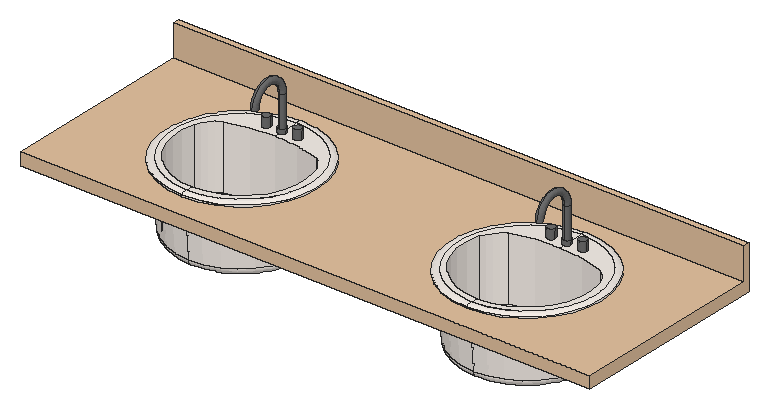
Revit family
Parameters (values of type "24" Depth")
  Assembly Code = "C1030400"
  Counter Thickness = 0' - 1 1/2"
  Counter Top Material = none
  Depth = 2' - 1"
  Height = 2' - 7"
  Length [instance] = 6' - 0"
  Sink Location [instance] = 1' - 6"
  Sink Location To Wall [instance] = 0' - 4"
  Sink Opening Width [instance] = 1' - 5"
Reference planes (in)
  plane 1 "Back": y = 0
  plane 2: z = 0
  plane 3 "Left": x = -52.2623
  plane 4 "Right": x = 19.7377
  plane 5 "Front": y = -25
  plane 6 "Top": z = 31
  plane 7 "Top Of Cabinet": z = 29.5
  plane 8: y = -0.75
  plane 9: z = 35
  plane 10: x = -34.2623
  plane 11: y = -4
  plane 12: x = -25.7623
  plane 13: x = -42.7623
  plane 14: y = -12.5
  plane 15: y = -21
  plane 16: x = 1.7377
Forms (in)
  Extrusion 1, solid, material <- "Counter Top Material"
    sketch origin (0, 0, 0) x (1, 0, 0) y (0, 1, 0)
      loop
        line (-52.2623, 0) -> (-52.2623, -25) -> (19.7377, -25) -> (19.7377, 0) -> (-52.2623, 0)
    from 29.5 to 31
  Extrusion 2, solid, material <- "Counter Top Material"
    sketch origin (0, 0, 0) x (1, 0, 0) y (0, 1, 0)
      loop
        line (19.7377, 0) -> (-52.2623, 0) -> (-52.2623, -0.75) -> (19.7377, -0.75) -> (19.7377, 0)
    from 31 to 35
  Extrusion 3, void
    sketch origin (0, 0, 0) x (1, 0, 0) y (0, 1, 0)
      loop
        circle (-34.2623, -12.5) r 9
    from 29.5 to 31
  Extrusion 4, void
    sketch origin (48, 0, 0) x (1, 0, 0) y (0, 1, 0)
      loop
        circle (-46.2623, -12.5) r 9
    from 29.5 to 31
Cuts and joins
  Extrusion 3, Extrusion 4 cuts Extrusion 1
  Extrusion 3, Extrusion 4 cuts Extrusion 2
  joined: Extrusion 1, Extrusion 2
Lines and regions (in)
  Masking region 1
    outline origin (0, 0, 29.5) x (-1, 0, 0) y (0, -1, 0)
      loop
        line (52.2623, 0) -> (52.2623, 25) -> (-19.7377, 25) -> (-19.7377, 0) -> (52.2623, 0)
  symbolic lines, style "Counter Top"
    curve 1: line (-52.2623, -0.75, 29.5) -> (19.7377, -0.75, 29.5)
  symbolic lines, style "Sink Opening"
    curve 2: arc (-25.7623, -12.5, 29.5) -> (-34.2623, -4, 29.5) -> (-42.7623, -12.5, 29.5) r 8.5
    curve 3: arc (-42.7623, -12.5, 29.5) -> (-34.2623, -21, 29.5) -> (-25.7623, -12.5, 29.5) r 8.5
    curve 4: arc (10.2377, -12.5, 29.5) -> (1.7377, -4, 29.5) -> (-6.7623, -12.5, 29.5) r 8.5
    curve 5: arc (-6.7623, -12.5, 29.5) -> (1.7377, -21, 29.5) -> (10.2377, -12.5, 29.5) r 8.5
Dimensions and locks (in)
  "Depth": plane 5 "Front" to plane 1 "Back"
  "Length": plane 3 "Left" to plane 4 "Right"
  "Height": level to plane 6 "Top"
  "Counter Thickness": plane 7 "Top Of Cabinet" to plane 6 "Top"
  locked: plane 8 to plane 1 "Back" at 0.75
  plane 6 "Top" to plane 9 = 0' - 4"
  "Sink Opening Width": plane 13 to plane 12
  "Sink Location": plane 3 "Left" to plane 10
  equal spacing: plane 13, plane 10, plane 12
  "Sink Location To Wall": plane 11 to plane 1 "Back"
  equal spacing: plane 15, plane 14, plane 11
  "Sink Opening Width": plane 15 to plane 11
  "Sink Location": plane 16 to plane 4 "Right"
  aligned and locked: plane 1 "Back" to Extrusion 1 sketch curve
  aligned and locked: plane 4 "Right" to Extrusion 1 sketch curve
  aligned and locked: Extrusion 1 sketch curve to plane 5 "Front"
  aligned and locked: Extrusion 1 sketch curve to plane 3 "Left"
  aligned and locked: plane 6 "Top" to Extrusion 1
  aligned and locked: Extrusion 1 to plane 7 "Top Of Cabinet"
  aligned and locked: Extrusion 2 sketch curve to plane 1 "Back"
  aligned and locked: plane 8 to Extrusion 2 sketch curve
  aligned and locked: Extrusion 2 sketch curve to plane 4 "Right"
  aligned and locked: plane 3 "Left" to Extrusion 2 sketch curve
  aligned and locked: Extrusion 2 to plane 9
  aligned and locked: Extrusion 2 to plane 6 "Top"
  aligned and locked: plane 6 "Top" to Extrusion 3
  aligned and locked: Extrusion 1 to Extrusion 3
  aligned and locked: plane 4 "Right" to Masking region 1 sketch curve
  aligned and locked: Masking region 1 sketch curve to plane 5 "Front"
  aligned and locked: plane 1 "Back" to Masking region 1 sketch curve
  aligned and locked: Masking region 1 sketch curve to plane 3 "Left"
  aligned and locked: nested 1 to plane 10
  aligned and locked: nested 1 to plane 14
  aligned and locked: nested 2 to plane 16
  aligned and locked: plane 14 to nested 2
Automatic sketch dimensions
  Extrusion 3 sketch curve to Extrusion 3 sketch curve = 0' - 0"  (x2)
  Extrusion 3 sketch curve to plane 14 = 0' - 0"
  Extrusion 3 sketch curve to plane 10 = 0' - 0"
  plane 13 to Extrusion 3 sketch curve = 0' - 0 1/2"
  curve 2 to curve 3 = 0' - 0"  (x2)
  curve 4 to curve 5 = 0' - 0"  (x2)
  curve 1 to plane 4 "Right" = 0' - 0"
  curve 4 to plane 14 = 0' - 0"
  curve 5 to plane 16 = 0' - 0"
  curve 3 to plane 12 = 0' - 0"
  curve 3 to plane 10 = 0' - 0"
  curve 1 to plane 3 "Left" = 0' - 0"
  curve 1 to plane 8 = 0' - 0"
  curve 2 to plane 14 = 0' - 0"
  plane 4 "Right" to curve 4 = 0' - 9 1/2"
  Extrusion 4 sketch curve to Extrusion 4 sketch curve = 0' - 0"  (x2)
  Extrusion 4 sketch curve to plane 14 = 0' - 0"
  Extrusion 4 sketch curve to plane 16 = 0' - 0"
  plane 16 to Extrusion 4 sketch curve = 0' - 9"
Nested families (in)
  nested 1: "Sink Vanity-Round" at (-38.06748, -15.85306, 0), type "19" x 19""
  nested 2: "Sink Vanity-Round" at (-2.06748, -15.85306, 0), type "19" x 19""
Definition of nested family "Sink Vanity-Round"
  Parameters (values of type "19" x 19"")
    Assembly Code = "D2010400"
    Basin Material = Porcelain - Linen
    Faucet Material = Metal - Steel, Polished
    Top Of Counter = 2' - 7"
  Reference planes (in)
    plane 1: z = 0
    plane 2 "Center (Left/Right)": x = 3.80519
    plane 3 "Top Of Counter": z = 31
    plane 4: z = 31.375
    plane 5: x = -5.69481
    plane 6: x = 13.30519
    plane 7: y = 3.35306
    plane 8: y = 12.85306
    plane 9: y = -6.14694
    plane 10: y = 5.36427
    plane 11 "cold": x = 5.80519
    plane 12 "hot": x = 1.80519
    plane 13: y = 9.72806
    plane 14 "sweep": x = 3.80519
    plane 15: y = 9.72806
    plane 16: z = 32.5
    plane 17: z = 22.5
    plane 18: z = 31.8567
  Forms (in)
    Revolve 1, solid, material "Porcelain - Linen" <- "Basin Material"
      sketch origin (3.80519, 0, 0) x (0, 1, 0) y (0, 0, 1)
        loop
          line (12.85306, 31) -> (12.85306, 31.15625)
          arc (12.85306, 31.15625) -> (12.46659, 31.34741) -> (12.03632, 31.375) r 1.0978
          line (12.03632, 31.375) -> (3.35306, 31.375) -> (3.35306, 22.5) -> (10.92369, 22.5)
          arc (10.92369, 22.5) -> (11.50477, 22.74582) -> (11.733, 23.33403) r 0.80967
          line (11.733, 23.33403) -> (12.38431, 31) -> (12.85306, 31)
        axis (3.35306, 31.375) -> (3.35306, 22.5)
      angle from 0 to 360
    Extrusion 2, solid
      sketch origin (0, 0, 0) x (1, 0, 0) y (0, 1, 0)
        loop
          circle (3.80519, 3.35306) r 0.8125
      from 23.33403 to 22.5
    Extrusion 3, solid, material "Metal - Steel, Polished" <- "Faucet Material"
      sketch origin (0, 0, 0) x (1, 0, 0) y (0, 1, 0)
        loop
          circle (5.80519, 9.72806) r 0.5
      from 32.5 to 31.375
    Extrusion 4, solid, material "Metal - Steel, Polished" <- "Faucet Material"
      sketch origin (-4, 0, 0) x (1, 0, 0) y (0, 1, 0)
        loop
          circle (5.80519, 9.72806) r 0.5
      from 32.5 to 31.375
    Extrusion 5, solid, material "Metal - Steel, Polished" <- "Faucet Material"
      sketch origin (-2, 0, 0) x (1, 0, 0) y (0, 1, 0)
        loop
          circle (5.80519, 9.72806) r 0.5
      from 31.375 to 31.8567
    Sweep 6, solid, material "Metal - Steel, Polished" <- "Faucet Material"
      path origin (3.80519, 0, 0) x (0, -1, 0) y (0, 0, 1)
        loop
          line (-9.72806, 31.375) -> (-9.72806, 35.8125)
          arc (-9.72806, 35.8125) -> (-7.54617, 37.99439) -> (-5.36427, 35.8125) r 2.18189
      profile origin (3.80519, 0, 33.59375) x (0, 1, 0) y (-1, 0, 0)
        loop
          circle (9.72806, 0) r 0.375
    Extrusion 7, void
      sketch origin (0, 0, 0) x (1, 0, 0) y (0, 1, 0)
        loop
          arc (-2.05329, 7.64119) -> (-3.16704, 6.66816) -> (-3.86497, 5.36427) r 4.11612
          arc (-3.86497, 5.36427) -> (3.80519, -4.5764) -> (11.47535, 5.36427) r 7.92946
          arc (11.47535, 5.36427) -> (10.77741, 6.66816) -> (9.66366, 7.64119) r 4.11612
          arc (9.66366, 7.64119) -> (3.80519, 8.63253) -> (-2.05329, 7.64119) r 17.80642
      from 31.375 to 23.33403
  Cuts and joins
    Extrusion 7 cuts Revolve 1
    Extrusion 7 cuts Extrusion 2
    Extrusion 7 cuts Extrusion 3
    Extrusion 7 cuts Extrusion 4
    Extrusion 7 cuts Extrusion 5
    Extrusion 7 cuts Sweep 6
    joined: Extrusion 5, Sweep 6
  Lines and regions (in)
    Masking region 1
      outline origin (0, 0, 31) x (0, -1, 0) y (1, 0, 0)
        loop
          circle (-3.35306, 3.80519) r 9.5
    symbolic lines
      curve 1: arc (4.61769, 3.35306, 31) -> (3.80519, 4.16556, 31) -> (2.99269, 3.35306, 31) r 0.8125
      curve 2: arc (2.99269, 3.35306, 31) -> (3.80519, 2.54056, 31) -> (4.61769, 3.35306, 31) r 0.8125
      curve 3: arc (6.30519, 9.72806, 31) -> (5.80519, 10.22806, 31) -> (5.30519, 9.72806, 31) r 0.5
      curve 4: arc (5.30519, 9.72806, 31) -> (5.80519, 9.22806, 31) -> (6.30519, 9.72806, 31) r 0.5
      curve 5: arc (4.18019, 9.72806, 31) -> (3.80519, 10.10306, 31) -> (3.43019, 9.72806, 31) r 0.375
      curve 6: arc (2.30519, 9.72806, 31) -> (1.80519, 10.22806, 31) -> (1.30519, 9.72806, 31) r 0.5
      curve 7: arc (1.30519, 9.72806, 31) -> (1.80519, 9.22806, 31) -> (2.30519, 9.72806, 31) r 0.5
      curve 8: arc (-3.86497, 5.36427, 31) -> (3.80519, -4.5764, 31) -> (11.47535, 5.36427, 31) r 7.92946
      curve 9: arc (-3.86497, 5.36427, 31) -> (-3.16704, 6.66816, 31) -> (-2.05329, 7.64119, 31) r 4.11612
      curve 10: arc (11.47535, 5.36427, 31) -> (10.77741, 6.66816, 31) -> (9.66366, 7.64119, 31) r 4.11612
      curve 11: arc (-2.05329, 7.64119, 31) -> (0.64959, 8.35069, 31) -> (3.43019, 8.62858, 31) r 17.80642
      curve 12: line (3.43019, 9.72806, 31) -> (3.43019, 5.36427, 31)
      curve 13: line (4.18019, 9.72806, 31) -> (4.18019, 5.36427, 31)
      curve 14: arc (3.43019, 5.36427, 31) -> (3.80519, 4.98927, 31) -> (4.18019, 5.36427, 31) r 0.375
      curve 15: arc (4.18019, 8.62858, 31) -> (6.96078, 8.35069, 31) -> (9.66366, 7.64119, 31) r 17.80642
  Dimensions and locks (in)
    locked: plane 4 to plane 3 "Top Of Counter" at 0.375
    locked: plane 5 to plane 2 "Center (Left/Right)" at 9.5
    locked: plane 2 "Center (Left/Right)" to plane 6 at 9.5
    plane 7 to plane 8 = 0' - 9 1/2"
    plane 9 to plane 7 = 0' - 9 1/2"
    locked: plane 12 "hot" to plane 2 "Center (Left/Right)" at 2
    locked: plane 2 "Center (Left/Right)" to plane 11 "cold" at 2
    locked: plane 13 to plane 8 at 3.125
    "Top Of Counter": plane 3 "Top Of Counter" to plane 1
    locked: plane 16 to plane 3 "Top Of Counter" at 1.5
    locked: plane 3 "Top Of Counter" to plane 17 at 8.5
    plane 18 to plane 4 = 0' - 0.4817"
    aligned and locked: plane 16 to Extrusion 3
    aligned and locked: plane 4 to Extrusion 3
    aligned and locked: Extrusion 3 to Extrusion 4
    aligned and locked: plane 4 to Extrusion 4
    aligned and locked: Revolve 1 sketch curve to plane 17
    aligned and locked: Extrusion 7 to Revolve 1
    aligned and locked: Extrusion 7 to plane 4
    aligned and locked: Extrusion 2 to cut or joined group of Revolve 1, Extrusion 7
    aligned and locked: plane 17 to Extrusion 2
    aligned and locked: Extrusion 5 to plane 18
    aligned and locked: plane 4 to Extrusion 5
    aligned and locked: Masking region 1 sketch curve to cut or joined group of Revolve 1, Extrusion 7
  Automatic sketch dimensions
    Extrusion 2 sketch curve to plane 7 = 0' - 0"
    Extrusion 2 sketch curve to plane 2 "Center (Left/Right)" = 0' - 0"
    Extrusion 2 sketch curve to plane 2 "Center (Left/Right)" = 0' - 0 13/16"
    Extrusion 3 sketch curve to plane 13 = 0' - 0"
    Extrusion 3 sketch curve to plane 11 "cold" = 0' - 0"
    Extrusion 3 sketch curve to Extrusion 3 sketch curve = 0' - 0 1/2"
    Extrusion 4 sketch curve to Extrusion 4 sketch curve = 0' - 0 1/2"
    Extrusion 4 sketch curve to plane 13 = 0' - 0"
    Extrusion 4 sketch curve to plane 11 "cold" = 0' - 4"
    Extrusion 5 sketch curve to Extrusion 5 sketch curve = 0' - 0 1/2"
    Extrusion 5 sketch curve to plane 13 = 0' - 0"
    Extrusion 5 sketch curve to plane 11 "cold" = 0' - 2"
    Sweep 6 sketch curve to plane 13 = 0' - 0"
    Sweep 6 sketch curve to plane 10 = 0' - 0"
    Sweep 6 sketch curve to plane 4 = 0' - 0"
    Sweep 6 sketch curve to plane 3 "Top Of Counter" = 0' - 4 13/16"
    Sweep 6 sketch curve to plane 14 "sweep" = 0' - 0"
    Sweep 6 sketch curve to profile plane = 0' - 0"
    profile plane to Sweep 6 sketch curve = 0' - 0 3/8"
    Revolve 1 sketch curve to plane 7 = 0' - 0"  (x2)
    Revolve 1 sketch curve to level = 0' - 0"
    Revolve 1 sketch curve to plane 4 = 0' - 0"  (x2)
    Revolve 1 sketch curve to plane 3 "Top Of Counter" = 0' - 0"
    Revolve 1 sketch curve to plane 8 = 0' - 0"
    plane 8 to Revolve 1 sketch curve = 0' - 1.92937"
    Revolve 1 sketch curve to Revolve 1 sketch curve = 0' - 0.8093"
    plane 8 to Revolve 1 sketch curve = 0' - 0.81674"
    Revolve 1 sketch curve to Revolve 1 sketch curve = 0' - 0.67048"
    plane 8 to Revolve 1 sketch curve = 0' - 0 15/32"
    Revolve 1 sketch curve to Revolve 1 sketch curve = 0' - 0.80967"
    Revolve 1 sketch curve to Revolve 1 sketch curve = 0' - 0.71301"
    Extrusion 7 sketch curve to plane 10 = 0' - 0"  (x2)
    Extrusion 7 sketch curve to plane 2 "Center (Left/Right)" = 0' - 0"  (x2)
    Extrusion 7 sketch curve to plane 7 = 0' - 0"
    Extrusion 7 sketch curve to plane 7 = 0' - 0.75228"  (x2)
    Extrusion 7 sketch curve to plane 2 "Center (Left/Right)" = 0' - 3.75129"
    Extrusion 7 sketch curve to Extrusion 7 sketch curve = 0' - 2.10718"
    Extrusion 7 sketch curve to Extrusion 7 sketch curve = 0' - 1.81169"
    plane 2 "Center (Left/Right)" to Extrusion 7 sketch curve = 0' - 3.75129"
    plane 9 to Extrusion 7 sketch curve = 0' - 3.02695"
    curve 1 to curve 8 = 0' - 0"  (x2)
    curve 11 to curve 15 = 0' - 0"  (x2)
    curve 7 to plane 13 = 0' - 0"
    curve 13 to plane 13 = 0' - 0"
    curve 3 to plane 11 "cold" = 0' - 0"
    curve 3 to plane 13 = 0' - 0"
    curve 5 to plane 2 "Center (Left/Right)" = 0' - 0"
    curve 8 to plane 10 = 0' - 0"
    curve 9 to plane 10 = 0' - 0"
    curve 13 to plane 10 = 0' - 0"
    curve 1 to plane 7 = 0' - 0"
    curve 11 to plane 2 "Center (Left/Right)" = 0' - 0"
    curve 6 to plane 12 "hot" = 0' - 0"
    curve 8 to plane 2 "Center (Left/Right)" = 0' - 0"
    curve 5 to curve 11 = 0' - 1.09948"
    curve 15 to curve 11 = 0' - 0"
    plane 13 to curve 15 = 0' - 2.08687"
    curve 10 to plane 7 = 0' - 0.75228"
    curve 9 to plane 7 = 0' - 0.75228"
    plane 9 to curve 11 = 0' - 3.02695"
    curve 6 to plane 12 "hot" = 0' - 0 1/2"
    curve 9 to plane 12 "hot" = 0' - 1.75129"
    curve 1 to plane 2 "Center (Left/Right)" = 0' - 0 13/16"
    curve 5 to plane 2 "Center (Left/Right)" = 0' - 0 3/8"
    curve 4 to plane 11 "cold" = 0' - 0 1/2"
    plane 11 "cold" to curve 10 = 0' - 1.75129"
